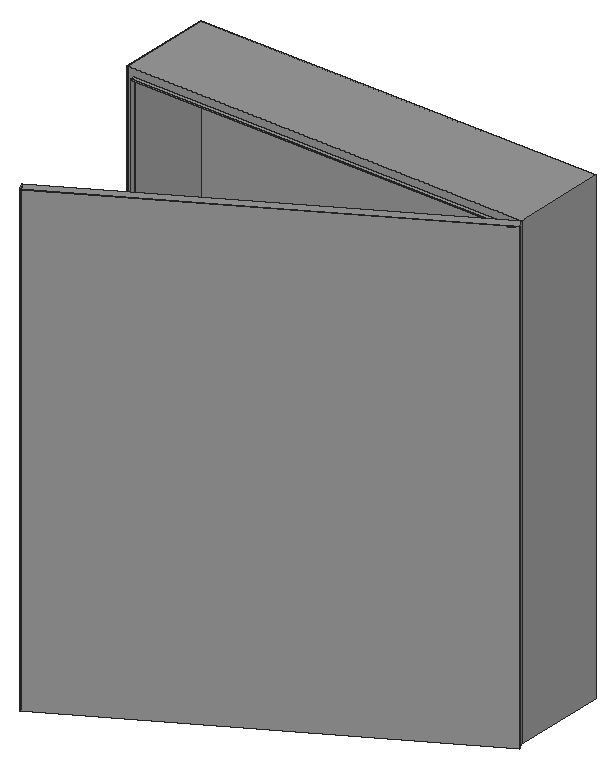
Revit family "Hager-Univers-IP54-D205-H950-Cl.I-Encl-NoHosted-CH-fr", category Electrical Equipment, Revit 2020
Family settings
  Panel Configuration = Two Columns, Circuits Across
  Round Connector Dimension = Use Diameter
  Part Type = Panelboard
  Work Plane-Based = Yes
  Always vertical = Yes
  Cut with Voids When Loaded = No
  Shared = No
  Room Calculation Point = No
Parameters (values of type "saillie IP54 L800 H950 P205  - FP63TW2")
  Width Control [instance] = if([EF000008 - largeur] > Min Width, [EF000008 - largeur], Min Width)  # 800 mm
  Type Comments = [HG000003 - Gamme]  # "Univers"
  Thickness Door [instance] = if([EF009171 - épaisseur de matériau de la porte/du couvercle] > 3 mm, 3 mm, [EF009171 - épaisseur de matériau de la porte/du couvercle])  # 1 mm
  Seal Frame Offset [instance] = 17 mm  # constant formula
  Plinth Visibility [instance] = [HG000027 - Hauteur du socle] > 0 mm  # no
  Min Width [instance] = 100 mm  # constant formula
  Min Depth [instance] = (2 * [EF009170 - épaisseur de matériau du boîtier]) + 1 mm  # 3 mm
  Min Height [instance] = 100 mm  # constant formula
  Internal Frame Depth [instance] = (Door System Depth * 0.5)  # 9 mm
  Panel Name [instance] = ""  # (empty or 0)
  Model = ""
  HG000027 - Hauteur du socle = 0 mm
  HG000026 - Installation au sol = no
  HG000024 - Hauteur de la section basse = 600 mm
  HG000023 - Armoire double section = no
  HG000016 - Visibilité de la porte 3D [instance] = yes
  HG000015 - Visibilité de l'emprise de la porte [instance] = no
  HG000014 - Porte à droite [instance] = yes
  HG000013 - Porte à gauche [instance] = not([HG000014 - Porte à droite])  # no
  HG000012 - Angle de pivotement de la porte [instance] = 30.00°
  HG000010 - Portes asymétriques = no
  HG000009 - Porte à double battant = no
  HG000006 - Encastré = no
  HG000004 - Référence fabricant = "FP63TW2"
  HG000003 - Gamme = "Univers"
  HG000002 - avec porte = yes
  Frame Offset Bottom [instance] = 10 mm  # constant formula
  Frame Offset [instance] = 15 mm  # constant formula
  EF015940 - couvercle avec décharge de pression = no
  EF011959 - degré de protection (NEMA) = ""
  EF009554 - nombre d'ouvertures pour plaques à bride = 6
  EF009212 - finition du couvercle = "EV000116 - fermé"
  EF009171 - épaisseur de matériau de la porte/du couvercle = 1 mm
  EF009170 - épaisseur de matériau du boîtier = 1 mm
  EF008873 - courant nominal (In) = 250 A
  EF007800 - adapté à un parafoudre = no
  EF006306 - avec serrure = no
  EF006244 - couvercle/porte transparent(e) = no
  EF005474 - indice de protection (IP) = "EV006419 - IP54"
  EF004464 - type de porte = "EV002646 - unique"
  EF004427 - nombre de modules = 216
  EF004293 - indice de protection contre les chocs (IK) = "EV006815 - IK09"
  EF003532 - convient pour utilisation à l’extérieur = no
  EF002950 - largeur en nombre de modules = 36
  EF001613 - maintien de fonction = "EV000494 - sans"
  EF001596 - matériau du boîtier/corps = "EV000179 - acier"
  EF001131 - profondeur intérieure = 130 mm
  EF001088 - possibilité de montage en saillie = yes
  EF000437 - nombre d'entrées de conduit = 6
  EF000339 - type de capot = "EV001012 - couvercle"
  EF000266 - nombre de rangées = 6
  EF000218 - profondeur d'encastrement = 205 mm
  EF000118 - avec cadre/support de montage = no
  EF000116 - numéro RAL = "9010"
  EF000049 - profondeur = 205 mm
  EF000040 - hauteur = 950 mm
  EF000008 - largeur = 800 mm
  EF000007 - couleur = "EV000202 - blanc"
  EF000003 - mode de pose = "EV000384 - saillie"
  Door System Leaf Tolerance [instance] = 1.5 mm  # constant formula
  Door System Depth [instance] = 18 mm  # constant formula
  Door Height [instance] = Height Control - [HG000027 - Hauteur du socle]  # 950 mm
  Description = ""
  Default Elevation = 1219.2 mm
  Connector Offset [instance] = Height Control / 2  # 475 mm
  Manufacturer = "Hager"  # constant formula
  Height Control [instance] = if([EF000040 - hauteur] > Min Height, [EF000040 - hauteur], Min Height)  # 950 mm
  Depth Control [instance] = if([EF000049 - profondeur] > Min Depth, [EF000049 - profondeur], Min Depth)  # 205 mm
  Bottom Top Plate Trim [instance] = 1.5 mm  # constant formula
  Plinth height Ctrl [instance] = if([HG000027 - Hauteur du socle] > 0 mm, [HG000027 - Hauteur du socle], 12 mm)  # 12 mm
Types (5, lengths in mm): name | Width Control | HG000004 - Référence fabricant | EF009554 - nombre d'ouvertures pour plaques à bride | EF004464 - type de porte | EF004427 - nombre de modules | EF002950 - largeur en nombre de modules | EF000437 - nombre d'entrées de conduit | EF000008 - largeur
  saillie IP54 L1050 H950 P205  - FP64TW2 | 1050 | "FP64TW2" | 8 | "EV003602 - double" | 288 | 48 | 8 | 1050
  saillie IP54 L1300 H950 P205  - FP65TW2 | 1300 | "FP65TW2" | 10 | "EV003602 - double" | 360 | 60 | 10 | 1300
  saillie IP54 L300 H950 P205  - FP61TW2 | 300 | "FP61TW2" | 2 | "EV002646 - unique" | 72 | 12 | 2 | 300
  saillie IP54 L550 H950 P205  - FP62TW2 | 550 | "FP62TW2" | 4 | "EV002646 - unique" | 144 | 24 | 4 | 550
  saillie IP54 L800 H950 P205  - FP63TW2 | 800 | "FP63TW2" | 6 | "EV002646 - unique" | 216 | 36 | 6 | 800
Reference planes
  plane 1 "Center (Front/Back)": y = 0
  plane 2: z = 0
  plane 3 "Center (Left/Right)": x = 0
  plane 4: y = 0
  plane 5: y = 0
  plane 6: z = 0
  plane 7: x = -400
  plane 8: x = 400
  plane 9: x = 399
  plane 10: x = -399
  plane 11: z = 0
  plane 12: z = 1
  plane 13: y = -205
  plane 14: y = -1
  plane 15: x = 0
  plane 16: y = -187
  plane 17: y = -204
  plane 18: y = -186
  plane 19: x = -384
  plane 20: x = 384
  plane 21: z = 11
  plane 22: x = -383
  plane 23: x = 383
  plane 24: z = 0
  plane 25: z = 950
  plane 26: z = 950
  plane 27: z = 934
  plane 28: z = 949
Forms (mm)
  Extrusion 1, solid, material "Hager_Steel_RAL7035_Light_Grey", detail levels medium+fine
    sketch origin (-208.679, -4572, 0) x (-1, 0, 0) y (0, -1, 0)
      loop
        line (191.321, -4385) -> (-608.679, -4385) -> (-608.679, -4572) -> (191.321, -4572) -> (191.321, -4385)
    from 0 to 950
  Extrusion 2, void
    sketch origin (-350.771, -205, 1219.2) x (1, 0, 0) y (0, 0, 1)
      loop
        line (-48.229, -270.2) -> (-48.229, -1218.2) -> (749.771, -1218.2) -> (749.771, -270.2) -> (-48.229, -270.2)
    from -19 to -204
  Extrusion 3, void
    sketch origin (-290.084, -187, 1219.2) x (1, 0, 0) y (0, 0, 1)
      loop
        line (-93.916, -1208.2) -> (674.084, -1208.2) -> (674.084, -285.2) -> (-93.916, -285.2) -> (-93.916, -1208.2)
    from 0 to -1
  Extrusion 4, solid, material "Hager_Steel_RAL7035_Light_Grey", visible <- "Plinth Visibility", detail levels medium+fine
    sketch origin (0, 0, 0) x (1, 0, 0) y (0, 1, 0)
      loop
        line (-400, 0) -> (-400, -187) -> (400, -187) -> (400, 0) -> (-400, 0)
    from 0 to 12 <- "Plinth height Ctrl"
  Extrusion 5, solid, material "Hager_Steel_RAL7035_Light_Grey", detail levels coarse
    sketch origin (0, 0, 0) x (1, 0, 0) y (0, 1, 0)
      loop
        line (-400, 0) -> (-400, -205) -> (400, -205) -> (400, 0) -> (-400, 0)
    from 0 to 950 <- "Height Control"
  Sweep 6, void
    path in 3D
      loop
        line (-400, -187, 12) -> (400, -187, 12) -> (400, 0, 12) -> (-400, 0, 12) -> (-400, -187, 12)
    profile origin (-400, -93.5, 12) x (1, 0, 0) y (0, 0, 1)
      loop
        line (0, 0) -> (0, -1.5) -> (1.5, -1.5)
        arc (1.5, -1.5) -> (1.061, -0.439) -> (0, 0) r 1.5
  Extrusion 7, solid, material "Hager_Steel_RAL7035_Light_Grey", detail levels fine
    sketch origin (-400, -187, 0) x (1, 0, 0) y (0, 0, 1)
      loop
        line (16, 11) -> (784, 11) -> (784, 934) -> (16, 934) -> (16, 11)
      loop
        line (15, 10) -> (785, 10) -> (785, 935) -> (15, 935) -> (15, 10)
    from 0 to 9 <- "Internal Frame Depth"
Cuts and joins
  Extrusion 2, Extrusion 3 cuts Extrusion 1
  Sweep 6 cuts Extrusion 4
Lines and regions (mm)
  Masking region 1
    outline origin (0, 0, 0) x (1, 0, 0) y (0, 1, 0)
      loop
        line (-400, 0) -> (-400, -205) -> (400, -205) -> (400, 0) -> (-400, 0)
  Masking region 2, detail levels coarse
    outline origin (-290.084, -187, 1219.2) x (-1, 0, 0) y (0, 0, 1)
      loop
        line (-690.084, -1219.2) -> (109.916, -1219.2) -> (109.916, -269.2) -> (-690.084, -269.2) -> (-690.084, -1219.2)
  Masking region 3, detail levels coarse
    outline origin (0, 0, 0) x (0, 1, 0) y (0, 0, 1)
      loop
        line (0, 0) -> (0, 950) -> (-205, 950) -> (-205, 0) -> (0, 0)
  Masking region 4, visible <- "Plinth Visibility", detail levels medium+fine
    outline origin (0, 0, 0) x (0, 1, 0) y (0, 0, 1)
      loop
        line (-1.5, 12) -> (-185.5, 12)
        arc (-185.5, 12) -> (-185.939, 10.939) -> (-187, 10.5) r 1.5
        line (-187, 10.5) -> (-187, 0) -> (0, 0) -> (0, 10.5)
        arc (0, 10.5) -> (-1.061, 10.939) -> (-1.5, 12) r 1.5
  Masking region 5, detail levels medium+fine
    outline origin (0, 0, 594.038) x (0, 1, 0) y (0, 0, 1)
      loop
        line (0, -594.038) -> (0, 355.962) -> (-187, 355.962) -> (-187, -594.038) -> (0, -594.038)
  Masking region 6, detail levels medium+fine
    outline origin (-359.7, -187, 1211.883) x (-1, 0, 0) y (0, 0, 1)
      loop
        line (-759.7, -1211.883) -> (40.3, -1211.883) -> (40.3, -261.883) -> (-759.7, -261.883) -> (-759.7, -1211.883)
  Masking region 7, visible <- "Plinth Visibility", detail levels medium+fine
    outline origin (-320.334, -187, 1041.368) x (-1, 0, 0) y (0, 0, 1)
      loop
        line (-720.334, -1041.368) -> (79.666, -1041.368) -> (79.666, -1030.868)
        arc (79.666, -1030.868) -> (78.606, -1030.429) -> (78.166, -1029.368) r 1.5
        line (78.166, -1029.368) -> (-718.834, -1029.368)
        arc (-718.834, -1029.368) -> (-719.273, -1030.429) -> (-720.334, -1030.868) r 1.5
        line (-720.334, -1030.868) -> (-720.334, -1041.368)
  sketch lines
    curve 1: line (-400, 0, 12) -> (-400, -187, 12)
    curve 2: line (-400, -187, 12) -> (400, -187, 12)
    curve 3: line (400, 0, 12) -> (-400, 0, 12)
    curve 4: line (400, -187, 12) -> (400, 0, 12)
Dimensions and locks
  locked: plane 1 "Center (Front/Back)" to plane 5
  "EF009170 - épaisseur de matériau du boîtier": plane 7 to plane 10
  "EF009170 - épaisseur de matériau du boîtier": plane 8 to plane 9
  equal spacing: plane 7, plane 3 "Center (Left/Right)", plane 8
  "Width Control": plane 7 to plane 8
  "Depth Control": plane 4 to plane 13
  "EF009170 - épaisseur de matériau du boîtier": plane 4 to plane 14
  "Height Control": plane 25 to level
  "HG000027 - Hauteur du socle": plane 11 to level
  "EF009170 - épaisseur de matériau du boîtier": plane 12 to plane 11
  "EF009170 - épaisseur de matériau du boîtier": plane 17 to plane 13
  "EF009170 - épaisseur de matériau du boîtier": plane 18 to plane 16
  "Frame Offset Bottom": plane 21 to plane 12
  "Frame Offset": plane 10 to plane 19
  "Frame Offset": plane 9 to plane 20
  "Door System Depth": plane 16 to plane 13
  "Seal Frame Offset": plane 7 to plane 22
  "Seal Frame Offset": plane 8 to plane 23
  "EF009170 - épaisseur de matériau du boîtier": plane 26 to plane 28
  "Frame Offset": plane 28 to plane 27
  "Connector Offset": plane 2 to connector elem
  "Bottom Top Plate Trim": profile plane to Sweep 6 sketch curve
  "Bottom Top Plate Trim": Sweep 6 sketch curve to Sweep 6 sketch curve
  "Plinth height Ctrl": Masking region 4 sketch curve to level
  "Plinth height Ctrl": Masking region 7 sketch curve to level
  "Thickness Door": Extrusion 7 sketch curve to Extrusion 7 sketch curve  (x4)
  "Bottom Top Plate Trim": radius of Sweep 6 sketch curve
  "Bottom Top Plate Trim": radius of Masking region 4 sketch curve  (x2)
  "Bottom Top Plate Trim": radius of Masking region 7 sketch curve  (x2)
  aligned and locked: Extrusion 2 sketch curve to plane 12
  aligned and locked: Extrusion 2 sketch curve to plane 9
  aligned and locked: Extrusion 2 sketch curve to plane 10
  aligned and locked: Extrusion 2 to plane 14
  aligned and locked: Extrusion 1 sketch curve to plane 4
  aligned and locked: plane 8 to Extrusion 1 sketch curve
  aligned and locked: plane 7 to Extrusion 1 sketch curve
  aligned and locked: Extrusion 2 to plane 18
  aligned and locked: Extrusion 3 sketch curve to plane 19
  aligned and locked: plane 20 to Extrusion 3 sketch curve
  aligned and locked: Extrusion 3 to Extrusion 2
  aligned and locked: Extrusion 3 sketch curve to plane 21
  aligned and locked: plane 3 "Center (Left/Right)" to nested 1
  aligned and locked: Extrusion 1 sketch curve to plane 16
  aligned and locked: Extrusion 4 sketch curve to cut or joined group of Extrusion 1, Extrusion 2, Extrusion 3
  aligned and locked: Masking region 1 sketch curve to plane 7
  aligned and locked: Masking region 1 sketch curve to plane 5
  aligned and locked: Masking region 1 sketch curve to plane 8
  aligned and locked: Masking region 2 sketch curve to level
  aligned and locked: level to Masking region 3 sketch curve
  aligned and locked: plane 1 "Center (Front/Back)" to Masking region 3 sketch curve
  aligned and locked: plane 13 to Masking region 3 sketch curve
  aligned and locked: plane 5 to Masking region 4 sketch curve
  aligned and locked: Masking region 2 sketch curve to plane 8
  aligned and locked: Masking region 2 sketch curve to plane 7
  aligned and locked: plane 7 to nested 2
  aligned and locked: nested 2 to plane 5
  aligned and locked: plane 5 to Masking region 5 sketch curve
  aligned and locked: plane 26 to Masking region 5 sketch curve
  aligned and locked: Extrusion 5 sketch curve to plane 8
  aligned and locked: Extrusion 5 sketch curve to plane 7
  aligned and locked: Extrusion 5 sketch curve to plane 5
  aligned and locked: Extrusion 3 sketch curve to plane 27
  aligned and locked: Extrusion 2 sketch curve to plane 28
  aligned and locked: Masking region 2 to plane 25
  aligned and locked: Extrusion 4 to plane 16
  aligned and locked: profile plane to Sweep 6 sketch curve
  aligned and locked: Masking region 5 sketch curve to plane 24
  aligned and locked: level to Masking region 4 sketch curve
  aligned and locked: Masking region 1 to plane 13
  aligned and locked: nested 1 to plane 16
  aligned and locked: Masking region 3 to plane 25
  aligned and locked: plane 16 to Masking region 4 sketch curve
  aligned and locked: Masking region 5 sketch curve to plane 16
  aligned and locked: plane 24 to plane 11
  aligned and locked: plane 26 to plane 25
  aligned and locked: plane 26 to cut or joined group of Extrusion 1, Extrusion 2, Extrusion 3
  aligned and locked: nested 1 to plane 24
  aligned and locked: Extrusion 1 to Extrusion 3
  aligned and locked: Masking region 6 sketch curve to plane 8
  aligned and locked: Masking region 6 sketch curve to plane 24
  aligned and locked: Masking region 6 sketch curve to plane 7
  aligned and locked: Masking region 6 sketch curve to plane 26
  aligned and locked: Masking region 7 sketch curve to plane 7
  aligned and locked: level to Masking region 7 sketch curve
  aligned and locked: Masking region 7 sketch curve to plane 8
  aligned and locked: Extrusion 7 sketch curve to cut or joined group of Extrusion 1, Extrusion 2, Extrusion 3  (x4)
Automatic sketch dimensions
  plane 19 to Extrusion 3 sketch curve = 0 mm
  Extrusion 3 sketch curve to plane 20 = 0 mm
  Extrusion 3 sketch curve to plane 21 = 0 mm
  Extrusion 4 sketch curve to plane 7 = 0 mm
  Extrusion 4 sketch curve to plane 8 = 0 mm
  Extrusion 4 sketch curve to plane 16 = 0 mm
  Masking region 1 sketch curve to plane 13 = 0 mm
  Masking region 2 sketch curve to plane 25 = 0 mm
  Masking region 3 sketch curve to plane 25 = 0 mm
  Extrusion 5 sketch curve to plane 13 = 0 mm
  profile plane to Sweep 6 sketch curve = 0 mm
Nested families
  nested 1: "EC000058_Univers_Door" at (0, -187, 0), Double <- "HG000009 - Porte à double battant", Transparent <- "EF006244 - couvercle/porte transparent(e)", Angle <- "HG000012 - Angle de pivotement de la porte", Door_Right <- "HG000014 - Porte à droite", Assymetrical <- "HG000010 - Portes asymétriques", Door <- "HG000002 - avec porte", Width_Ctrl <- "Width Control", 3d_Door <- "HG000016 - Visibilité de la porte 3D", Clearance <- "HG000015 - Visibilité de l'emprise de la porte", Door_Left <- "HG000013 - Porte à gauche", Width <- "Width Control", Door_Depth <- "Door System Depth", Leaf_Tolerance <- "Door System Leaf Tolerance", Height <- "Door Height", Lock_Visibility <- "EF006306 - avec serrure", Thickness <- "Thickness Door", type "EC000058_Univers_Door", detail levels medium+fine
    with min_wh 3 mm, Width_Ctrl 800 mm, Width 800 mm, Transparent no, Thickness 1 mm, Seal_Material Hager_Rubber, Lock_Visibility no, Lock_Material Hager_Plastic_RAL9005_Jet_Black, Leaf_Width 800 mm, Leaf_Tolerance_External_Sides 0 mm, Leaf_Tolerance 1.5 mm, Leaf_Offset 0 mm, Leaf_Height 947 mm, Leaf_2_Width 800 mm, Leaf_2_Offset 400 mm, Leaf_1_Width 800 mm, Leaf_1_Offset 400 mm, Height_Ctrl 950 mm, Height 950 mm, Glass_Material Hager_Glass, Double_Clearance_Ctrl no, Double no, Door_Right_Ctrl yes, Door_Right yes, Door_Material Hager_Steel_RAL7035_Light_Grey, Door_Left_Ctrl no, Door_Left no, Door_Depth 18 mm, Door yes, Clearance_Material Hager_Clearance, Clearance_Depth 800 mm, Clearance_Ctrl no, Clearance no, Assymetrical no, Angle 30.00°, 3d_Door yes
  nested 2: "Hager_Enclosure_Symbol" at (-400, 0, 0), Height <- "Depth Control", Width <- "Width Control", type "Hager_Enclosure_Symbol"
    with Width_Ctrl 800 mm, Width 800 mm, Height_Ctrl 205 mm, Height 205 mm, A_Width_Int 13.453 mm, A_Width 161.438 mm, A_Height_Ctrl 179.375 mm, A_Height 179.375 mm
Connectors
  electrical at (0, 0, 475)
    settings: on plane 1 "Center (Front/Back)", index 1, voltage 0 V, apparent load 0 VA, apparent load phase1 0 VA, apparent load phase2 0 VA, apparent load phase3 0 VA, power factor 1, load classification "Other", number of poles 1, system type 30, power factor state 1, is connector primary yes, connector utility no, sub classification motor no, connector description ""
Definition of nested family "EC000058_Univers_Door"
  Parameters (values of type "EC000058_Univers_Door")
    min_wh [instance] = (2 * Thickness) + 1 mm  # 11 mm
    Width_Ctrl [instance] = 400 mm
    Width [instance] = 500 mm
    Transparent [instance] = yes
    Thickness [instance] = 5 mm
    Seal_Material [instance] = none
    Lock_Visibility [instance] = yes
    Lock_Material [instance] = none
    Leaf_Width [instance] = if((Width_Ctrl - 2 * Leaf_Tolerance_External_Sides) > 0 mm, (Width_Ctrl - 2 * Leaf_Tolerance_External_Sides), min_wh)  # 400 mm
    Leaf_Tolerance_External_Sides [instance] = 0 mm  # constant formula
    Leaf_Tolerance [instance] = 1.5 mm
    Leaf_Offset [instance] = 0 mm  # constant formula
    Leaf_Height [instance] = if((Height_Ctrl - 2 * Leaf_Tolerance) > 0 mm, (Height_Ctrl - 2 * Leaf_Tolerance), min_wh)  # 497 mm
    Leaf_2_Width [instance] = if(and(and(Double, Assymetrical), Door_Left), (Leaf_Width / 3) - (Leaf_Tolerance / 2), if(and(and(Double, Assymetrical), Door_Right), (Leaf_Width / 3) * 2 - (Leaf_Tolerance / 2), if(and(Double, not(Assymetrical)), (Leaf_Width / 2) - Leaf_Tolerance, Leaf_Width)))  # 400 mm
    Leaf_2_Offset [instance] = if(and(Double, Assymetrical), Leaf_2_Width / 2, if(and(Double, not(Assymetrical)), Leaf_Width / 4, Leaf_Width / 2))  # 200 mm
    Leaf_1_Width [instance] = if(and(and(Double, Assymetrical), Door_Right), (Leaf_Width / 3) - (Leaf_Tolerance / 2), if(and(and(Double, Assymetrical), Door_Left), (Width / 3) * 2 - (Leaf_Tolerance / 2), if(and(Double, not(Assymetrical)), (Leaf_Width / 2) - Leaf_Tolerance, Leaf_Width)))  # 400 mm
    Leaf_1_Offset [instance] = if(and(Double, Assymetrical), Leaf_1_Width / 2, if(and(Double, not(Assymetrical)), Leaf_Width / 4, Leaf_Width / 2))  # 200 mm
    Height_Ctrl [instance] = if(Height > min_wh, Height, min_wh)  # 500 mm
    Height [instance] = 500 mm
    Glass_Material [instance] = none
    Double_Clearance_Ctrl [instance] = and(Double, Clearance)  # no
    Double [instance] = no
    Door_Right_Ctrl [instance] = and(or(Door_Right, Double), Door)  # yes
    Door_Right [instance] = yes
    Door_Material [instance] = none
    Door_Left_Ctrl [instance] = and(or(Door_Left, Double), Door)  # no
    Door_Left [instance] = no
    Door_Depth [instance] = 30 mm
    Door [instance] = yes
    Default Elevation = 1219.2 mm
    Clearance_Material [instance] = none
    Clearance_Depth [instance] = if(Leaf_1_Width > Leaf_2_Width, Leaf_1_Width, Leaf_2_Width)  # 400 mm
    Clearance_Ctrl [instance] = and(not(Double), Clearance)  # yes
    Clearance [instance] = yes
    Assymetrical [instance] = yes
    Angle [instance] = 30.00°
    3d_Door [instance] = yes
  Reference planes
    plane 1 "Center (Front/Back)": y = 0
    plane 2 "Bottom": z = 0
    plane 3 "Center (Left/Right)": x = 0
    plane 4: z = 500
    plane 5: x = -200
    plane 6: x = 200
    plane 7: z = 500
    plane 8: x = -200
    plane 9: z = 0
    plane 10: x = 200
    plane 11: y = 0
    plane 12: z = 1.5
    plane 13: x = -600
    plane 14: y = -400
    plane 15: x = 600
    plane 16: x = 0
    plane 17: x = 0
    plane 18: x = -200
    plane 19: x = 200
    plane 20: z = 498.5
  Forms (mm)
    Extrusion 1, solid, material <- "Clearance_Material", visible <- "Double_Clearance_Ctrl"
      sketch origin (1200, 0, 0) x (1, 0, 0) y (0, 0, -1)
        loop
          line (-1800, -498.5) -> (-600, -498.5) -> (-600, 0) -> (-1800, 0) -> (-1800, -498.5)
      from 0 to -400
  Dimensions and locks
    equal spacing: plane 5, plane 3 "Center (Left/Right)", plane 6
    "Width_Ctrl": plane 5 to plane 6
    "Leaf_Offset": plane 5 to plane 8
    "Leaf_Offset": plane 6 to plane 10
    "Leaf_Offset": plane 9 to level
    "Leaf_Offset": plane 4 to plane 7
    "Height_Ctrl": plane 4 to level
    "Leaf_Tolerance": plane 12 to plane 9
    locked: plane 11 to plane 1 "Center (Front/Back)"
    "Leaf_1_Offset": plane 18 to plane 16
    "Leaf_2_Offset": plane 17 to plane 19
    "Leaf_1_Width": plane 13 to plane 8
    "Leaf_2_Width": plane 10 to plane 15
    "Clearance_Depth": plane 14 to plane 1 "Center (Front/Back)"
    "Leaf_Tolerance_External_Sides": plane 8 to plane 18
    "Leaf_Tolerance_External_Sides": plane 19 to plane 10
    "Leaf_Tolerance": plane 7 to plane 20
    aligned and locked: level to plane 2 "Bottom"
    aligned and locked: nested 1 to plane 16
    aligned and locked: nested 2 to plane 17
    aligned and locked: Extrusion 1 to plane 13
    aligned and locked: plane 15 to Extrusion 1
    aligned and locked: Extrusion 1 to plane 14
    aligned and locked: plane 12 to nested 1
    aligned and locked: nested 2 to plane 12
    aligned and locked: Extrusion 1 to plane 11
    aligned and locked: plane 20 to Extrusion 1
    aligned and locked: nested 2 to plane 11
    aligned and locked: nested 1 to plane 11
  Automatic sketch dimensions
    Extrusion 1 sketch curve to level = 0 mm
    plane 5 to Extrusion 1 sketch curve = 400 mm
    plane 6 to Extrusion 1 sketch curve = 400 mm
    Extrusion 1 sketch curve to plane 4 = 1.5 mm
  Nested families
    nested 1: "EC000058_Univers_Door_Leaf" at (0, 0, 1.5), Width <- "Leaf_1_Width", visible <- "Door_Left_Ctrl", Leaf_Height <- "Leaf_Height", Angle <- "Angle", 3d_Door <- "3d_Door", Transparent <- "Transparent", Clearance Material <- "Clearance_Material", Clearance <- "Clearance_Ctrl", Door_Material <- "Door_Material", Glass_Material <- "Glass_Material", Door_Depth <- "Door_Depth", Lock_Material <- "Lock_Material", Seal_Material <- "Seal_Material", Lock_Visibility <- "Lock_Visibility", Thickness <- "Thickness", type "EC000058_Univers_Door_Leaf"
      with Width 400 mm, Transparent_Glass_Offset 30 mm, Transparent_Ctrl yes, Transparent yes, Thickness 5 mm, Standard no, Seal_Material none, Seal_D2 8 mm, Seal_D1 1 mm, Offset_Internal_Frame 10 mm, Lock_Width 20 mm, Lock_Visibility_3d yes, Lock_Visibility yes, Lock_Thickness_3 3 mm, Lock_Thickness_2 1 mm, Lock_Thickness_1 3 mm, Lock_Radius_Offset_2 16 mm, Lock_Radius_Offset_1 15 mm, Lock_Radius_2 5 mm, Lock_Radius 6 mm, Lock_Offset 5 mm, Lock_Material none, Lock_Height 80 mm, Lock_Cover_Top_Offset_2d 17 mm, Lock_Cover_Height -65 mm, Leaf_Height 497 mm, Internal_Seal_Thickness 8 mm, Internal_Seal_Depth_2 4.5 mm, Internal_Frame_Depth 25 mm, Glass_Thickness -1 mm, Glass_Offset -2 mm, Glass_Material none, Door_Material none, Door_Depth 30 mm, Clearance Material none, Clearance yes, Angle_Ctrl 30.00°, Angle 30.00°, 3d_Door yes
    nested 2: "EC000058_Univers_Door_Leaf" at (0, 0, 1.5) x (-1, 0, 0) z (0, 0, 1), Width <- "Leaf_2_Width", visible <- "Door_Right_Ctrl", Leaf_Height <- "Leaf_Height", Angle <- "Angle", 3d_Door <- "3d_Door", Transparent <- "Transparent", Clearance Material <- "Clearance_Material", Clearance <- "Clearance_Ctrl", Door_Material <- "Door_Material", Glass_Material <- "Glass_Material", Door_Depth <- "Door_Depth", Lock_Material <- "Lock_Material", Seal_Material <- "Seal_Material", Lock_Visibility <- "Lock_Visibility", Thickness <- "Thickness", type "EC000058_Univers_Door_Leaf"
      with Width 400 mm, Transparent_Glass_Offset 30 mm, Transparent_Ctrl yes, Transparent yes, Thickness 5 mm, Standard no, Seal_Material none, Seal_D2 8 mm, Seal_D1 1 mm, Offset_Internal_Frame 10 mm, Lock_Width 20 mm, Lock_Visibility_3d yes, Lock_Visibility yes, Lock_Thickness_3 3 mm, Lock_Thickness_2 1 mm, Lock_Thickness_1 3 mm, Lock_Radius_Offset_2 16 mm, Lock_Radius_Offset_1 15 mm, Lock_Radius_2 5 mm, Lock_Radius 6 mm, Lock_Offset 5 mm, Lock_Material none, Lock_Height 80 mm, Lock_Cover_Top_Offset_2d 17 mm, Lock_Cover_Height -65 mm, Leaf_Height 497 mm, Internal_Seal_Thickness 8 mm, Internal_Seal_Depth_2 4.5 mm, Internal_Frame_Depth 25 mm, Glass_Thickness -1 mm, Glass_Offset -2 mm, Glass_Material none, Door_Material none, Door_Depth 30 mm, Clearance Material none, Clearance yes, Angle_Ctrl 30.00°, Angle 30.00°, 3d_Door yes
  Definition of nested family "EC000058_Univers_Door_Leaf"
    Parameters (values of type "EC000058_Univers_Door_Leaf")
      Width [instance] = 2000 mm
      Transparent_Glass_Offset [instance] = 30 mm
      Transparent_Ctrl [instance] = and(Transparent, [3d_Door])  # yes
      Transparent [instance] = yes
      Thickness [instance] = 5 mm
      Standard [instance] = and(not(Transparent), [3d_Door])  # no
      Seal_Material [instance] = none
      Seal_D2 [instance] = 8 mm  # constant formula
      Seal_D1 [instance] = 1 mm  # constant formula
      Offset_Internal_Frame [instance] = 10 mm  # constant formula
      Lock_Width [instance] = 20 mm  # constant formula
      Lock_Visibility_3d [instance] = and(Lock_Visibility, [3d_Door])  # yes
      Lock_Visibility [instance] = yes
      Lock_Thickness_3 [instance] = 3 mm  # constant formula
      Lock_Thickness_2 [instance] = 1 mm  # constant formula
      Lock_Thickness_1 [instance] = 3 mm  # constant formula
      Lock_Radius_Offset_2 [instance] = Lock_Radius_Offset_1 + 1 mm  # 16 mm
      Lock_Radius_Offset_1 [instance] = 15 mm  # constant formula
      Lock_Radius_2 [instance] = Lock_Radius - 1 mm  # 5 mm
      Lock_Radius [instance] = 6 mm  # constant formula
      Lock_Offset [instance] = 5 mm  # constant formula
      Lock_Material [instance] = none
      Lock_Height [instance] = 80 mm  # constant formula
      Lock_Cover_Top_Offset_2d [instance] = Lock_Radius_Offset_2 + 1 mm  # 17 mm
      Lock_Cover_Height [instance] = -(Lock_Height - Lock_Radius_Offset_1)  # -65 mm
      Leaf_Height [instance] = 2720.336 mm
      Internal_Seal_Thickness [instance] = 8 mm  # constant formula
      Internal_Seal_Depth_2 [instance] = 4.5 mm  # constant formula
      Internal_Frame_Depth [instance] = if(Door_Depth - Thickness > 5 mm, Door_Depth - Thickness, 5 mm)  # 25 mm
      Glass_Thickness [instance] = if(Thickness > 15 mm, Glass_Offset + 10 mm, -1 mm)  # -1 mm
      Glass_Offset [instance] = if(Thickness > 15 mm, -(Thickness + 10 mm) / 2, -2 mm)  # -2 mm
      Glass_Material [instance] = none
      Door_Material [instance] = none
      Door_Depth [instance] = 30 mm
      Default Elevation = 0 mm
      Clearance Material [instance] = none
      Clearance [instance] = yes
      Angle_Ctrl [instance] = if(Angle > 180.00°, 180.00°, Angle)  # 90.00°
      Angle [instance] = 90.00°
      3d_Door [instance] = yes
    Reference planes
      plane 1 "Center (Front/Back)": y = 0
      plane 2: z = 0
      plane 3 "Center (Left/Right)": x = 0
      plane 4: y = 2000
      plane 5: x = -1000
      plane 6: x = 1000
      plane 7: x = -3000
      plane 8: z = 2720.336
      plane 9: z = 30
      plane 10: z = 2690.336
      plane 11: x = 970
      plane 12: x = -970
      plane 13: y = -3
      plane 14: z = 107.833
      plane 15: y = -5
      plane 16: y = -223.314
      plane 17: x = -1000
      plane 18: z = 1360.168
      plane 19: y = 30
    Forms (mm)
      Extrusion 1, solid, material <- "Clearance Material", visible <- "Clearance"
        sketch origin (0, 0, 0) x (1, 0, 0) y (0, 0, 1)
          loop
            line (-3000, 2720.336) -> (-3000, 0) -> (1000, 0) -> (1000, 2720.336) -> (-3000, 2720.336)
        from 0 to -2000
      Extrusion 2, solid, material <- "Door_Material", visible <- "Standard", detail levels medium+fine
        sketch origin (-1000, 0, 0) x (0, 1, 0) y (-1, 0, 0)
          loop
            line (0, 30) -> (0, 25) -> (2000, 25) -> (2000, 30) -> (0, 30)
        from 0 to 2720.336 <- "Leaf_Height"
      Extrusion 3, solid, material <- "Door_Material", visible <- "Transparent_Ctrl", detail levels medium+fine
        sketch origin (-1000, 0, 0) x (0, 1, 0) y (-1, 0, 0)
          loop
            line (0, 25) -> (2000, 25) -> (2000, 30) -> (0, 30) -> (0, 25)
        from 0 to 2720.336 <- "Leaf_Height"
      Extrusion 4, void
        sketch origin (-1025, 2000, 0) x (0, 1, 0) y (0, 0, -1)
          loop
            line (-30, -2690.336) -> (-30, -30) -> (-1970, -30) -> (-1970, -2690.336) -> (-30, -2690.336)
        from 0 to 5 <- "Thickness"
      Sweep 5, solid, material <- "Seal_Material", visible <- "Transparent_Ctrl", detail levels fine
        path in 3D
          loop
            line (-1025, 30, 30) -> (-1025, 30, 2690.336) -> (-1025, 1970, 2690.336) -> (-1025, 1970, 30) -> (-1025, 30, 30)
        profile origin (-1025, 1000, 30) x (1, 0, 0) y (0, 0, 1)
          loop
            line (0, 0) -> (0, -8) -> (1, -8) -> (1, 0) -> (0, 0)
      Extrusion 6, solid, material <- "Glass_Material", visible <- "Transparent_Ctrl", detail levels medium+fine
        sketch origin (-1030, 0, 0) x (0, 1, 0) y (0, 0, -1)
          loop
            line (1970, -2690.336) -> (1970, -30) -> (30, -30) -> (30, -2690.336) -> (1970, -2690.336)
        from -2 <- "Glass_Offset" to -1 <- "Glass_Thickness"
      Extrusion 7, solid, material <- "Door_Material", visible <- "3d_Door", detail levels medium+fine
        sketch origin (-1025, 2000, 0) x (0, -1, 0) y (0, 0, -1)
          loop
            line (0, -2720.336) -> (2000, -2720.336) -> (2000, 0) -> (0, 0) -> (0, -2720.336)
          loop
            line (1995, -5) -> (5, -5) -> (5, -2715.336) -> (1995, -2715.336) -> (1995, -5)
        from 0 to 25 <- "Internal_Frame_Depth"
      Sweep 8, solid, material <- "Seal_Material", visible <- "Transparent_Ctrl", detail levels fine
        path in 3D
          loop
            line (-1025, 0, 0) -> (-1025, 2000, 0) -> (-1025, 2000, 2720.336) -> (-1025, 0, 2720.336) -> (-1025, 0, 0)
        profile origin (-1025, 0, 1360.168) x (1, 0, 0) y (0, 1, 0)
          loop
            line (0, 10) -> (2.975, 10)
            arc (2.975, 10) -> (4.053, 10.447) -> (4.5, 11.525) r 1.525
            line (4.5, 11.525) -> (4.5, 16.527)
            arc (4.5, 16.527) -> (4.069, 17.569) -> (3.027, 18) r 1.473
            line (3.027, 18) -> (0, 18) -> (0, 10)
      Extrusion 9, solid, material <- "Lock_Material", visible <- "Lock_Visibility_3d", detail levels fine
        sketch origin (-1030, 0, 0) x (0, 1, 0) y (0, 0, -1)
          loop
            arc (1993.5, -1400.168) -> (1994.561, -1399.729) -> (1995, -1398.668) r 1.5
            line (1995, -1398.668) -> (1995, -1320.168) -> (1975, -1320.168) -> (1975, -1398.668)
            arc (1975, -1398.668) -> (1975.439, -1399.729) -> (1976.5, -1400.168) r 1.5
            line (1976.5, -1400.168) -> (1993.5, -1400.168)
        from 3 <- "Lock_Thickness_1" to 0
      Blend 10, solid, material <- "Lock_Material", visible <- "Lock_Visibility_3d", detail levels fine
        base sketch origin (-1033, 0, 0) x (0, 1, 0) y (0, 0, -1)
          loop
            line (1975, -1320.168) -> (1975, -1398.668)
            arc (1975, -1398.668) -> (1975.439, -1399.729) -> (1976.5, -1400.168) r 1.5
            line (1976.5, -1400.168) -> (1993.5, -1400.168)
            arc (1993.5, -1400.168) -> (1994.561, -1399.729) -> (1995, -1398.668) r 1.5
            line (1995, -1398.668) -> (1995, -1320.168) -> (1975, -1320.168)
        top sketch origin (-1033, 0, 0) x (0, 1, 0) y (0, 0, -1)
          loop
            line (1976, -1320.168) -> (1976, -1398.668)
            arc (1976, -1398.668) -> (1976.146, -1399.022) -> (1976.5, -1399.168) r 0.5
            line (1976.5, -1399.168) -> (1993.5, -1399.168)
            arc (1993.5, -1399.168) -> (1993.854, -1399.022) -> (1994, -1398.668) r 0.5
            line (1994, -1398.668) -> (1994, -1320.168) -> (1976, -1320.168)
        from 0 to 1 <- "Lock_Thickness_2"
      Blend 11, solid, material <- "Lock_Material", visible <- "Lock_Visibility_3d", detail levels fine
        base sketch origin (-1034, 0, 0) x (0, 1, 0) y (0, 0, -1)
          loop
            line (1978, -1320.168) -> (1978, -1384.168)
            arc (1978, -1384.168) -> (1985, -1391.168) -> (1992, -1384.168) r 7
            line (1992, -1384.168) -> (1992, -1320.168) -> (1978, -1320.168)
        top sketch origin (-1034, 0, 0) x (0, 1, 0) y (0, 0, -1)
          loop
            line (1991, -1320.168) -> (1979, -1320.168) -> (1979, -1383.168)
            arc (1979, -1383.168) -> (1985, -1389.168) -> (1991, -1383.168) r 6
            line (1991, -1383.168) -> (1991, -1320.168)
        from 0 to 3 <- "Lock_Thickness_3"
      Extrusion 12, solid, material <- "Lock_Material", visible <- "Lock_Visibility_3d", detail levels fine
        sketch origin (-1030, 1975, 1320.168) x (1, 0, 0) y (0, -1, 0)
          loop
            line (-7, -19) -> (-7, -1) -> (0, -1) -> (0, 0) -> (-8, 0) -> (-8, -20) -> (0, -20) -> (0, -19) -> (-7, -19)
        from 0 to -65 <- "Lock_Cover_Height"
      Extrusion 13, void
        sketch origin (-1038, 1995, 1320.168) x (-1, 0, 0) y (0, 0, -1)
          loop
            line (-5, -65) -> (0, -65) -> (-5, -60) -> (-5, -65)
        from 0 to 20 <- "Lock_Width"
      Extrusion 14, void
        sketch origin (-1038, 1975, 1320.168) x (0, -1, 0) y (0, 0, -1)
          loop
            circle (-10, -15.995) r 6
          loop
            circle (-10, -15.995) r 5
        from 0 to 2
      Extrusion 15, solid, material <- "Lock_Material", visible <- "Lock_Visibility_3d", detail levels medium
        sketch origin (-1030, 0, 0) x (0, 1, 0) y (0, 0, -1)
          loop
            arc (1993.5, -1400.168) -> (1994.561, -1399.729) -> (1995, -1398.668) r 1.5
            line (1995, -1398.668) -> (1995, -1320.168) -> (1975, -1320.168) -> (1975, -1398.668)
            arc (1975, -1398.668) -> (1975.439, -1399.729) -> (1976.5, -1400.168) r 1.5
            line (1976.5, -1400.168) -> (1993.5, -1400.168)
        from 8 to 0
    Cuts and joins
      Extrusion 4 cuts Extrusion 3
      Extrusion 13, Extrusion 14 cuts Extrusion 9
      Extrusion 14 cuts Blend 11
      Extrusion 13, Extrusion 14 cuts Extrusion 12
      joined: Extrusion 9, Blend 10, Blend 11, Extrusion 12
      Extrusion 14 cuts Extrusion 15
    Lines and regions (mm)
      Masking region 1, visible <- "Lock_Visibility", detail levels fine
        outline origin (0, 0, 0) x (0, 1, 0) y (0, 0, 1)
          loop
            line (30, 1320.168) -> (33, 1320.168) -> (33, 1400.168) -> (30, 1400.168) -> (30, 1320.168)
      Masking region 2, visible <- "Lock_Visibility", detail levels fine
        outline origin (0, 3.143, 0) x (0, 1, 0) y (0, 0, 1)
          loop
            line (29.857, 1354.168) -> (30.857, 1354.168) -> (30.857, 1366.168) -> (29.857, 1366.168) -> (29.857, 1354.168)
      Masking region 3, detail levels medium+fine
        outline origin (0, 0, 0) x (0, 1, 0) y (0, 0, 1)
          loop
            line (0, 0) -> (30, 0) -> (30, 2720.336) -> (0, 2720.336) -> (0, 0)
      Masking region 4, detail levels medium+fine
        outline origin (0, 0, 0) x (1, 0, 0) y (0, 0, 1)
          loop
            line (-1000, 2720.336) -> (-1000, 0) -> (1000, 0) -> (1000, 2720.336) -> (-1000, 2720.336)
      Masking region 5, visible <- "Lock_Visibility", detail levels fine
        outline origin (-47.116, 0, 0) x (1, 0, 0) y (0, 0, 1)
          loop
            arc (1024.616, 1399.168) -> (1023.556, 1398.729) -> (1023.116, 1397.668) r 1.5
            line (1023.116, 1397.668) -> (1023.116, 1320.168) -> (1041.116, 1320.168) -> (1041.116, 1397.668)
            arc (1041.116, 1397.668) -> (1040.677, 1398.729) -> (1039.616, 1399.168) r 1.5
            line (1039.616, 1399.168) -> (1024.616, 1399.168)
      Masking region 6, visible <- "Lock_Visibility", detail levels medium+fine
        outline origin (-25, 0, 0) x (1, 0, 0) y (0, 0, 1)
          loop
            arc (1001.5, 1400.168) -> (1000.439, 1399.729) -> (1000, 1398.668) r 1.5
            line (1000, 1398.668) -> (1000, 1320.168) -> (1020, 1320.168) -> (1020, 1398.668)
            arc (1020, 1398.668) -> (1019.561, 1399.729) -> (1018.5, 1400.168) r 1.5
            line (1018.5, 1400.168) -> (1001.5, 1400.168)
      Masking region 7, visible <- "Lock_Visibility", detail levels fine
        outline origin (-73.735, 0, 0) x (1, 0, 0) y (0, 0, 1)
          loop
            line (1051.735, 1382.168) -> (1065.735, 1382.168) -> (1065.735, 1384.168)
            arc (1065.735, 1384.168) -> (1058.735, 1391.168) -> (1051.735, 1384.168) r 7
            line (1051.735, 1384.168) -> (1051.735, 1382.168)
      Masking region 8, visible <- "Lock_Visibility", detail levels fine
        outline origin (-73.735, 0, 0) x (1, 0, 0) y (0, 0, 1)
          loop
            line (1052.735, 1382.168) -> (1064.735, 1382.168) -> (1064.735, 1383.168)
            arc (1064.735, 1383.168) -> (1058.735, 1389.168) -> (1052.735, 1383.168) r 6
            line (1052.735, 1383.168) -> (1052.735, 1382.168)
      Masking region 9, visible <- "Lock_Visibility", detail levels fine
        outline origin (-25, 0, 0) x (1, 0, 0) y (0, 0, 1)
          loop
            line (1020, 1320.168) -> (1020, 1382.168) -> (1000, 1382.168) -> (1000, 1320.168) -> (1020, 1320.168)
      Masking region 10, detail levels medium+fine
        outline origin (0, 0, 0) x (1, 0, 0) y (0, 0, 1)
          loop
            circle (985, 1335.144) r 6
      Masking region 11, detail levels fine
        outline origin (0, 0, 0) x (1, 0, 0) y (0, 0, 1)
          loop
            circle (985, 1335.144) r 5
      Masking region 12, visible <- "Lock_Visibility", detail levels fine
        outline origin (0, 12.767, 0) x (0, 1, 0) y (0, 0, 1)
          loop
            line (20.233, 1320.168) -> (21.233, 1320.168) -> (21.233, 1399.168) -> (20.233, 1400.168) -> (20.233, 1320.168)
      Masking region 13, visible <- "Lock_Visibility", detail levels fine
        outline origin (0, 13.767, -10) x (0, 1, 0) y (0, 0, 1)
          loop
            line (20.233, 1330.168) -> (23.233, 1330.168) -> (23.233, 1399.168) -> (20.233, 1402.168) -> (20.233, 1330.168)
      Masking region 14, visible <- "Lock_Visibility", detail levels fine
        outline origin (0, 12.767, -10) x (0, 1, 0) y (0, 0, 1)
          loop
            line (20.233, 1330.168) -> (25.233, 1330.168) -> (25.233, 1399.305) -> (20.233, 1394.305) -> (20.233, 1330.168)
      Masking region 15, visible <- "Lock_Visibility", detail levels medium
        outline origin (0, 0, 0) x (0, 1, 0) y (0, 0, 1)
          loop
            line (30, 1320.168) -> (38, 1320.168) -> (38, 1400.168) -> (30, 1400.168) -> (30, 1320.168)
      Masking region 16, visible <- "Lock_Visibility", detail levels fine
        outline origin (-1000, 0, 0) x (0, 1, 0) y (-1, 0, 0)
          loop
            line (1975, 30) -> (1995, 30) -> (1995, 38) -> (1975, 38) -> (1975, 30)
          loop
            line (1979, 37) -> (1976, 37) -> (1976, 34) -> (1978, 34) -> (1979, 37)
          loop
            line (1994, 37) -> (1991, 37) -> (1992, 34) -> (1994, 34) -> (1994, 37)
      Masking region 17, visible <- "Lock_Visibility", detail levels medium
        outline origin (-1000, 0, 0) x (0, 1, 0) y (-1, 0, 0)
          loop
            line (1975, 30) -> (1995, 30) -> (1995, 38) -> (1975, 38) -> (1975, 30)
      symbolic lines
        curve 1: line (1000, 0, 0) -> (-3000, 0, 0)
        curve 2: arc (1000, 0, 0) -> (-1000, 2000, 0) -> (-3000, 0, 0) r 2000
        curve 4: line (-1030, 0, 0) -> (-1030, 2000, 0)
      reference lines
        curve 3: line (-1000, 0, 0) -> (-1000, 2000, 0)
      symbolic lines, detail levels medium+fine
        curve 5: line (-1030, 2000, 0) -> (-1025, 2000, 0)
        curve 7: line (-1025, 0, 0) -> (-1030, 0, 0)
        curve 8: line (-1025, 0, 0) -> (-1000, 0, 0)
        curve 9: line (-1000, 0, 0) -> (-1000, 2000, 0)
        curve 10: line (-1000, 2000, 0) -> (-1025, 2000, 0)
      symbolic lines, detail levels fine
        curve 6: line (-1025, 2000, 0) -> (-1025, 0, 0)
      sketch lines
        curve 11: line (-1025, 0, 2720.336) -> (-1025, 0, 0)
        curve 12: line (-1025, 2000, 0) -> (-1025, 0, 0)
        curve 13: line (-1025, 2000, 2720.336) -> (-1025, 2000, 0)
        curve 14: line (-1025, 0, 2720.336) -> (-1025, 2000, 2720.336)
        curve 15: line (-1025, 1970, 30) -> (-1025, 30, 30)
        curve 16: line (-1025, 30, 30) -> (-1025, 30, 2690.336)
        curve 17: line (-1025, 1970, 2690.336) -> (-1025, 1970, 30)
        curve 18: line (-1025, 30, 2690.336) -> (-1025, 1970, 2690.336)
      symbolic lines, visible <- "Transparent", detail levels medium+fine
        curve 19: line (-970, 0, 2690.336) -> (970, 0, 2690.336)
        curve 20: line (-970, 0, 30) -> (-970, 0, 2690.336)
        curve 21: line (970, 0, 30) -> (-970, 0, 30)
        curve 22: line (970, 0, 2690.336) -> (970, 0, 30)
    Dimensions and locks
      "Width": plane 1 "Center (Front/Back)" to plane 4
      equal spacing: plane 5, plane 3 "Center (Left/Right)", plane 6
      "Width": plane 5 to plane 6
      "Width": plane 7 to plane 5
      "Leaf_Height": plane 8 to level
      "Width": curve 5 to curve 3
      "Width": curve 3 to curve 3
      plane 8 to plane 10 = 30 mm
      plane 9 to level = 30 mm
      plane 12 to plane 5 = 30 mm
      plane 6 to plane 11 = 30 mm
      Extrusion 1 to Extrusion 4 sketch curve = 30 mm
      "Transparent_Glass_Offset": curve 3 to Extrusion 4 sketch curve
      "Transparent_Glass_Offset": Extrusion 4 sketch curve to cut or joined group of Extrusion 3, Extrusion 4  (x2)
      cut or joined group of Extrusion 3, Extrusion 4 to Extrusion 6 sketch curve = 30 mm
      "Transparent_Glass_Offset": cut or joined group of Extrusion 3, Extrusion 4 to Extrusion 4 sketch curve
      "Thickness": curve 6 to curve 4
      "Thickness": Extrusion 7 sketch curve to Extrusion 7 sketch curve  (x4)
      "Door_Depth": curve 4 to curve 3
      "Offset_Internal_Frame": profile plane to Sweep 8 sketch curve
      "Internal_Seal_Thickness": Sweep 8 sketch curve to Sweep 8 sketch curve
      "Internal_Seal_Depth_2": profile plane to Sweep 8 sketch curve
      "Seal_D1": profile plane to Sweep 5 sketch curve
      "Seal_D2": profile plane to Sweep 5 sketch curve
      "Thickness": Extrusion 2 sketch curve to Extrusion 2 sketch curve
      equal spacing: Extrusion 9 sketch curve, plane 18, Extrusion 9 sketch curve  (x2)
      equal spacing: Masking region 1 sketch curve, plane 18, Masking region 1 sketch curve
      "Lock_Height": Masking region 1 sketch curve to Masking region 1 sketch curve
      "Lock_Radius": Masking region 2 sketch curve to plane 18 to Masking region 2 sketch curve
      Masking region 2 sketch curve to Masking region 1 = 1 mm
      "Door_Depth": plane 19 to plane 1 "Center (Front/Back)"
      "Lock_Thickness_1": Masking region 1 sketch curve to plane 19
      "Lock_Width": Extrusion 9 sketch curve to Extrusion 9 sketch curve
      "Lock_Height": Extrusion 9 sketch curve to Extrusion 9 sketch curve
      "Lock_Offset": cut or joined group of Extrusion 3, Extrusion 4 to Extrusion 9 sketch curve
      equal spacing: plane 8, plane 18, level
      "Lock_Radius_Offset_1": Blend 11 sketch curve to Blend 10
      locked: Blend 10 to Blend 11 sketch curve at 2  (x2)
      locked: var sketch to Blend 11 sketch curve at 1  (x2)
      "Lock_Radius_Offset_2": Blend 11 sketch curve to Blend 10
      locked: Extrusion 12 sketch curve to Extrusion 12 sketch curve at 1  (x3)
      Masking region 6 sketch curve to Masking region 6 sketch curve = 80 mm
      "Lock_Height": Masking region 6 sketch curve to Masking region 6 sketch curve
      "Lock_Width": Masking region 6 sketch curve to Masking region 6 sketch curve
      locked: Masking region 6 to Masking region 5 sketch curve at 1  (x3)
      locked: Masking region 5 to Masking region 7 sketch curve at 2  (x2)
      "Lock_Radius_Offset_1": Masking region 5 to Masking region 7 sketch curve
      "Lock_Radius_Offset_2": Masking region 5 to Masking region 8 sketch curve
      locked: Masking region 7 to Masking region 8 sketch curve at 1  (x2)
      "Lock_Cover_Top_Offset_2d": Masking region 5 to Masking region 9 sketch curve
      equal spacing: Masking region 9, Masking region 10 sketch curve, Masking region 9
      equal spacing: Masking region 9, Masking region 11 sketch curve, Masking region 9
      Extrusion 15 sketch curve to Extrusion 15 sketch curve = 80 mm
      "Lock_Width": Extrusion 15 sketch curve to Extrusion 15 sketch curve
      "Lock_Height": Extrusion 15 sketch curve to Extrusion 15 sketch curve
      equal spacing: Extrusion 15 sketch curve, plane 18, Extrusion 15 sketch curve
      "Lock_Thickness_3": Masking region 13 sketch curve to Masking region 13 sketch curve
      "Lock_Height": Masking region 12 sketch curve to Masking region 12 sketch curve
      locked: Masking region 13 sketch curve to Masking region 1 at 8
      locked: Masking region 14 sketch curve to Masking region 13 at 1
      locked: Masking region 14 sketch curve to Masking region 1 at 10.863
      "Lock_Height": Masking region 15 sketch curve to Masking region 15 sketch curve
      "Lock_Offset": Extrusion 15 sketch curve to cut or joined group of Extrusion 3, Extrusion 4
      "Lock_Offset": plane 6 to Masking region 6 sketch curve
      radius of Sweep 8 sketch curve = 1.525 mm
      radius of Sweep 8 sketch curve = 1.473 mm
      radius of Extrusion 9 sketch curve = 1.5 mm  (x2)
      "Lock_Radius": radius of Extrusion 14 sketch curve
      "Lock_Radius_2": radius of Extrusion 14 sketch curve
      "Lock_Radius": radius of Masking region 10 sketch curve
      "Lock_Radius_2": radius of Masking region 11 sketch curve
      radius of Extrusion 15 sketch curve = 1.5 mm  (x2)
      "Angle_Ctrl": angle plane 1 "Center (Front/Back)" to curve 3
      locked: Masking region 12 sketch curve to Masking region 12 sketch curve (angle 45.00°)
      locked: Masking region 13 sketch curve to Masking region 13 sketch curve (angle 45.00°)
      locked: Masking region 14 sketch curve to Masking region 14 sketch curve (angle 45.00°)
      aligned and locked: level to plane 2
      aligned and locked: Extrusion 1 to curve 1
      aligned and locked: plane 6 to Extrusion 1
      aligned and locked: Extrusion 1 to plane 1 "Center (Front/Back)"
      aligned and locked: plane 4 to Extrusion 1
      aligned and locked: plane 8 to Extrusion 1
      aligned and locked: curve 7 to Extrusion 2 sketch curve
      aligned and locked: curve 5 to Extrusion 2 sketch curve
      aligned and locked: curve 7 to Extrusion 3 sketch curve
      aligned and locked: Extrusion 3 sketch curve to curve 4
      aligned and locked: Extrusion 3 sketch curve to curve 6
      aligned and locked: Extrusion 3 sketch curve to curve 5
      aligned and locked: curve 9 to curve 3
      aligned and locked: Extrusion 7 sketch curve to cut or joined group of Extrusion 3, Extrusion 4  (x4)
      aligned and locked: plane 17 to curve 3
      aligned and locked: plane 1 "Center (Front/Back)" to curve 3
      aligned and locked: plane 17 to plane 5
      aligned and locked: Sweep 8 sketch curve to profile plane
      aligned and locked: Sweep 5 sketch curve to profile plane  (x2)
      aligned and locked: Masking region 1 to Masking region 2 sketch curve
      aligned and locked: plane 19 to Masking region 1 sketch curve
      aligned and locked: plane 1 "Center (Front/Back)" to Masking region 3 sketch curve
      aligned and locked: plane 19 to Masking region 3 sketch curve
      aligned and locked: level to Masking region 3 sketch curve
      aligned and locked: Masking region 3 sketch curve to plane 8
      aligned and locked: plane 17 to Masking region 4 sketch curve
      aligned and locked: level to Masking region 4 sketch curve
      aligned and locked: Masking region 4 sketch curve to plane 8
      aligned and locked: plane 12 to curve 20
      aligned and locked: plane 10 to curve 19
      aligned and locked: plane 11 to curve 22
      aligned and locked: curve 21 to plane 9
      aligned and locked: Extrusion 2 sketch curve to cut or joined group of Extrusion 3, Extrusion 4
      aligned and locked: Blend 10 sketch curve to Extrusion 9  (x4)
      aligned and locked: Extrusion 9 to Blend 10 sketch curve
      aligned and locked: Blend 10 to Blend 11 sketch curve
      aligned and locked: Extrusion 12 sketch curve to Blend 11
      aligned and locked: Extrusion 12 sketch curve to Extrusion 9  (x4)
      aligned and locked: Masking region 5 sketch curve to Masking region 6
      aligned and locked: Masking region 9 sketch curve to Masking region 6  (x3)
      aligned and locked: Masking region 12 sketch curve to Masking region 1
      aligned and locked: Masking region 13 sketch curve to Masking region 1
      aligned and locked: Masking region 12 to Masking region 14
      aligned and locked: Masking region 14 sketch curve to Masking region 1
      aligned and locked: Masking region 15 sketch curve to Masking region 14
      aligned and locked: Masking region 13 sketch curve to Masking region 12
      aligned and locked: Masking region 16 sketch curve to cut or joined group of Extrusion 14, Extrusion 15  (x4)
      aligned and locked: Masking region 16 sketch curve to cut or joined group of Extrusion 9, Blend 10, Blend 11, Extrusion 12, Extrusion 13, Extrusion 14  (x6)
      aligned and locked: cut or joined group of Extrusion 9, Blend 10, Blend 11, Extrusion 12, Extrusion 13, Extrusion 14 to Masking region 16 sketch curve
      aligned and locked: Masking region 17 sketch curve to cut or joined group of Extrusion 14, Extrusion 15  (x3)
      aligned and locked: Masking region 17 sketch curve to cut or joined group of Extrusion 9, Blend 10, Blend 11, Extrusion 12, Extrusion 13, Extrusion 14
      aligned and locked: Masking region 9 to Masking region 8 sketch curve
      aligned and locked: Masking region 9 to Masking region 7 sketch curve
    Automatic sketch dimensions
      plane 1 "Center (Front/Back)" to curve 2 = 0 mm
      curve 2 to plane 5 = 0 mm
      Extrusion 1 sketch curve to level = 0 mm
      Extrusion 1 sketch curve to plane 7 = 0 mm
      Extrusion 1 sketch curve to plane 6 = 0 mm
      Extrusion 1 sketch curve to plane 8 = 0 mm
      Extrusion 3 to Extrusion 6 sketch curve = 30 mm  (x4)
      Masking region 4 sketch curve to plane 6 = 0 mm
      Blend 10 sketch curve to Extrusion 9 = 1.5 mm
      Blend 10 sketch curve to Extrusion 9 = 1 mm
      Extrusion 13 sketch curve to Extrusion 12 = 0 mm  (x2)
      Extrusion 12 to Extrusion 13 sketch curve = 3 mm
      Extrusion 13 sketch curve to Extrusion 12 = 5 mm
      Extrusion 14 sketch curve to Extrusion 14 sketch curve = 0 mm  (x2)
      Extrusion 14 sketch curve to Extrusion 12 = 10 mm
      Extrusion 14 sketch curve to Extrusion 12 = 15.995 mm
      Masking region 5 sketch curve to Masking region 5 sketch curve = 1.5 mm  (x2)
      Masking region 10 sketch curve to plane 18 = 25.024 mm
      Masking region 11 sketch curve to plane 18 = 25.024 mm
      plane 19 to Masking region 14 sketch curve = 3 mm
      Masking region 16 sketch curve to Masking region 16 sketch curve = 3 mm
      curve 4 to curve 3 = 0 mm
      Blend 10 to Blend 11 sketch curve = 0 mm
      Masking region 6 sketch curve to Masking region 6 sketch curve = 1.5 mm  (x2)
      Masking region 6 sketch curve to plane 18 = 40 mm
      plane 19 to Masking region 12 sketch curve = 3 mm
      Masking region 12 sketch curve to Masking region 12 sketch curve = 1 mm
      Masking region 15 sketch curve to plane 19 = 0 mm
      Masking region 15 sketch curve to plane 18 = 40 mm
      radius of Blend 10 sketch curve to Extrusion 9 = 1 mm
Definition of nested family "Hager_Enclosure_Symbol"
  Parameters (values of type "Hager_Enclosure_Symbol")
    Width_Ctrl [instance] = if(Width > 1 mm, Width, 1 mm)  # 102.27 mm
    Width [instance] = 102.27 mm
    Height_Ctrl [instance] = if(Height > 1 mm, Height, 1 mm)  # 66.5 mm
    A_Width_Int [instance] = if(A_Width / 12 > 2 mm, A_Width / 12, 2 mm)  # 4.364 mm
    A_Width [instance] = if(A_Height_Ctrl * 0.9 > 2 mm, A_Height_Ctrl * 0.9, 2 mm)  # 52.369 mm
    A_Height_Ctrl [instance] = if(A_Height > 2 mm, A_Height, 2 mm)  # 58.188 mm
    Height [instance] = 66.5 mm
    A_Height [instance] = Height - (Height / 8)  # 58.188 mm
  Reference planes
    plane 1 "Centre (avant/arrière)": y = 0
    plane 2: z = 0
    plane 3 "Centre (gauche/droite)": x = 0
    plane 4: x = 52.369
    plane 5: y = 33.042
    plane 6: y = 41.77
    plane 7: y = 66.5
    plane 8: x = 26.184
    plane 9: y = 37.406
    plane 10: x = 102.27
    plane 11: y = 66.5
    plane 12: y = 8.313
  Lines and regions (mm)
    Filled region 1, type "Solid_Black", in view "Niveau de réf."
      outline origin (0, 0, 0) x (1, 0, 0) y (0, 1, 0)
        loop
          line (52.369, 66.5) -> (33.188, 54.536) -> (45.365, 45.006) -> (52.369, 66.5)
    Filled region 2, type "Solid_Black", in view "Niveau de réf."
      outline origin (0, 0, 0) x (1, 0, 0) y (0, 1, 0)
        loop
          line (0, 0) -> (102.27, 0) -> (102.27, 66.5) -> (0, 0)
    detail lines, in view "Niveau de réf."
      curve 1: line (0, 8.313, 0) -> (26.184, 41.77, 0)
      curve 2: line (26.184, 41.77, 0) -> (26.184, 33.042, 0)
      curve 3: line (26.184, 33.042, 0) -> (52.369, 66.5, 0)
  Dimensions and locks
    "A_Width": plane 3 "Centre (gauche/droite)" to plane 4
    equal spacing: plane 3 "Centre (gauche/droite)", plane 8, plane 4
    equal spacing: plane 6, plane 9, plane 5
    equal spacing: curve 3, Filled region 1 sketch curve, Filled region 1 sketch curve
    "Height_Ctrl": plane 1 "Centre (avant/arrière)" to plane 11
    "A_Height_Ctrl": plane 11 to plane 12
    equal spacing: plane 11, plane 9, plane 12
    "A_Width_Int": plane 6 to plane 9
    "Width_Ctrl": plane 3 "Centre (gauche/droite)" to plane 10
    angle Filled region 1 sketch curve to curve 3 = 20.00°
    angle curve 3 to Filled region 1 sketch curve = 20.00°
    locked: curve 3 to Filled region 1 sketch curve (angle 90.00°)
    aligned and locked: plane 10 to Filled region 2
    aligned and locked: plane 11 to Filled region 2 sketch curve
    aligned and locked: plane 10 to Filled region 2 sketch curve
    aligned and locked: plane 3 "Centre (gauche/droite)" to curve 1
    aligned and locked: plane 12 to curve 1
    aligned and locked: plane 7 to plane 11
  Automatic sketch dimensions
    Filled region 1 sketch curve to plane 4 = 0 mm
    Filled region 1 sketch curve to plane 7 = 0 mm
    plane 1 "Centre (avant/arrière)" to Filled region 2 sketch curve = 0 mm
    Filled region 2 sketch curve to plane 3 "Centre (gauche/droite)" = 0 mm
    curve 2 to plane 6 = 0 mm
    curve 2 to plane 8 = 0 mm
    curve 3 to plane 4 = 0 mm
    curve 2 to plane 5 = 0 mm
    curve 3 to plane 7 = 0 mm
